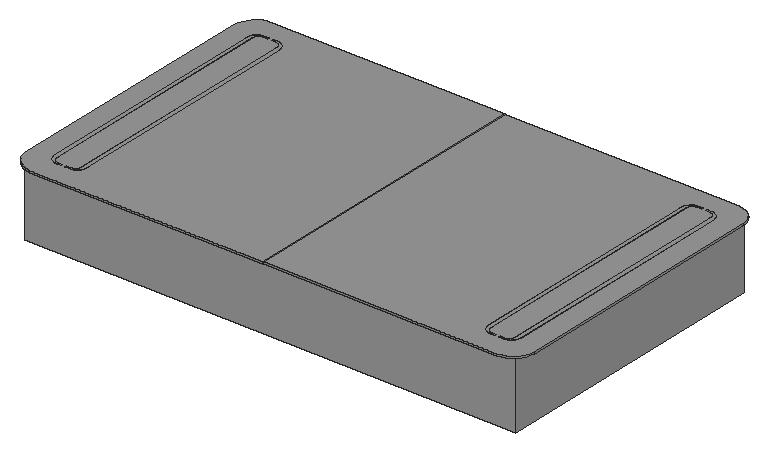
Revit family "UNB_Specchio_Multiproduct_BIM_IT_T3373;T3388;T3389;T3425_NEW", category Plumbing Fixtures, host Face, Revit 2017
Family settings
  Host = Face
  Round Connector Dimension = Use Diameter
  Part Type = Normal
  Cut with Voids When Loaded = No
  Shared = No
  Room Calculation Point = No
Parameters (values of type "T3425 - 1200 x 700 mirror cabinet")
  VersioneClassificazioneUni2015 = "IfcFurnitureType"
  Versione = "1"
  ValoreDellaSuperficie = "n/a"
  UnitàVolume = "litro"
  UnitàSuperficie = "millimetro"
  UnitàMonetaria = "€"
  UnitàLineare = "millimetro"
  UnitàDurataGaranzia = "anno"
  UnitàDurata = "anno"
  URL = "http://www.idealstandard.it"
  TipologiaVaso = "Altro"
  TipoEspotazioneIfc = "IfcFurnitureType"
  TipoDiDato = "Fisso"
  Telefono = "800 652 290"
  Spazio = "interno"
  Sostenibilità = "n/a"
  SingleUnitsOnly = no
  RiferimentoClassificazioneUni2015 = "MIRRORS"
  Riferimento = "T3425"
  Revisione = "1"
  ProfonditàNominale = 170 mm
  Produttore = "info@idealstandard.it"
  PesoNetto = "30.00 Kg"
  PesoLordo = "n/a"
  PartiDiRicambio = "http://www.idealstandard.it"
  NumeroDiModello = "T3425AL"
  NomeOggettoBim = "ISI_IdealStandard_Specchio_T3425"
  Nome = "ISI_IdealStandard_Specchio_T3425"
  ModelloDiRiferimento = "SPECCHIO CONT. HIGH 120X70 MATT AL 20W 2"
  Model = "T3425AL"
  Materiale = "bicchiere"
  Manufacturer = "info@idealstandard.it"
  LunghezzaNominale = 170 mm
  LarghezzaNominale = 1230 mm
  InstruzioniInstallazione = "http://www.idealstandard.it"
  InformazioniGaranzia = "info@idealstandard.it"
  InformazioniDiProdotto = "http://www.idealstandard.it"
  InformaziniGaranzia = "info@idealstandard.it"
  IfcEsportaCome = "BATHROOM FURNITURE"
  Grado = "n/a"
  GaranziaInstallazione = "n/a"
  Garanzia = "garanzia del produttore"
  Forma = "rettangolare"
  Finitura = "specchio"
  DurataGaranziaProdotti = "n/a"
  DurataGaranziaLegale = "n/a"
  DurataGaranzia = "n/a"
  DoubleUnitsOnly = not(SingleUnitsOnly)  # yes
  DistribuitoDa = "n/a"
  Dimensione = ""
  DescrizioneClassifcazioneUni2015 = "Bathroom furniture"
  Description = "SPECCHIO CONT. HIGH 120X70 MATT AL 20W 2"
  Default Elevation = 1500 mm
  Creato = "Ideal Standard"
  CostoDiSostituzione = 0
  Cost = 0
  Connessione = "piombatura"
  Componenti = "n/a"
  Colore = "specchio"
  CodiceRiferimento = "n/a"
  CodiceDiPrestazione = "EN"
  CodiceArticolo = "n/a"
  CodiceABarre = "8014140447733"
  CicloDiVitaDelProdotto = "n/a"
  Caratteristiche = "SPECCHIO CONT. HIGH 120X70 MATT AL 20W 2"
  Brand = "Ideal Standard"
  Autore = "Ideal Standard"
  AltezzaNominale = 730 mm
  Aiuto = "info@idealstandard.it"
  Accessori = "http://www.idealstandard.it"
  Accesso = "n/a"
Types (4, lengths in mm): name | SingleUnitsOnly | Riferimento | PesoNetto | NumeroDiModello | NomeOggettoBim | Nome | ModelloDiRiferimento | Model | LarghezzaNominale | DoubleUnitsOnly | Description | CodiceABarre | Caratteristiche
  T3373 - 600 x 700 mirror cabinet | yes | "T3373" | "20.00 Kg" | "T3373AL" | "ISI_IdealStandard_Specchio_T3373" | "ISI_IdealStandard_Specchio_T3373" | "SPECCHIO CONT. HIGH 60X70 MATT AL 20W 23" | "T3373AL" | 630 | no | "SPECCHIO CONT. HIGH 60X70 MATT AL 20W 23" | "8014140447658" | "SPECCHIO CONT. HIGH 60X70 MATT AL 20W 23"
  T3388 - 800 x 700 mirror cabinet | no | "T3388" | "24.00 Kg" | "T3388AL" | "ISI_IdealStandard_Specchio_T3388" | "ISI_IdealStandard_Specchio_T3388" | "SPECCHIO CONT. HIGH 80X70 MATT AL 20W 23" | "T3388AL" | 830 | yes | "SPECCHIO CONT. HIGH 80X70 MATT AL 20W 23" | "8014140447696" | "SPECCHIO CONT. HIGH 80X70 MATT AL 20W 23"
  T3389 - 1000 x 700 mirror cabinet | no | "T3389" | "26.00 Kg" | "T3389AL" | "ISI_IdealStandard_Specchio_T3389" | "ISI_IdealStandard_Specchio_T3389" | "SPECCHIO CONT. HIGH 100X70 MATT AL 20W 2" | "T3389AL" | 1030 | yes | "SPECCHIO CONT. HIGH 100X70 MATT AL 20W 2" | "8014140447719" | "SPECCHIO CONT. HIGH 100X70 MATT AL 20W 2"
  T3425 - 1200 x 700 mirror cabinet | no | "T3425" | "30.00 Kg" | "T3425AL" | "ISI_IdealStandard_Specchio_T3425" | "ISI_IdealStandard_Specchio_T3425" | "SPECCHIO CONT. HIGH 120X70 MATT AL 20W 2" | "T3425AL" | 1230 | yes | "SPECCHIO CONT. HIGH 120X70 MATT AL 20W 2" | "8014140447733" | "SPECCHIO CONT. HIGH 120X70 MATT AL 20W 2"
Reference planes
  plane 1 "Center (Front/Back)": y = 0
  plane 2: z = 0
  plane 3 "Center (Left/Right)": x = 0
  plane 4: x = -615
  plane 5: x = 615
  plane 6: y = 365
  plane 7: y = -365
  plane 8: y = 345
  plane 9: y = -345
  plane 10: x = -595
  plane 11: x = 595
  plane 12: y = 315
  plane 13: y = -315
  plane 14: x = -565
  plane 15: x = 565
  plane 16: x = -555
  plane 17: x = 555
  plane 18: y = 310
  plane 19: y = -310
  plane 20: x = -495
  plane 21: x = 495
  plane 22: x = -485
  plane 23: x = 485
  plane 24: x = -525
  plane 25: x = 525
  plane 26: x = -530
  plane 27: x = -520
  plane 28: x = 530
  plane 29: x = 520
  plane 30: x = -1.5
  plane 31: x = 1.5
  plane 32: z = 170
  plane 33: z = 166
Forms (mm)
  Extrusion 1, solid, material "Default"
    sketch origin (0, 20.991, -18) x (0, 1, 0) y (-1, 0, 0)
      loop
        line (324.009, 595) -> (-365.991, 595) -> (-365.991, -595) -> (324.009, -595) -> (324.009, 595)
    from 18 to 184
  Extrusion 2, solid, material "ISI_IdealStandard_Mirror_MirrorGlazing_Render", visible <- "SingleUnitsOnly"
    sketch origin (-1524, -4572, 166) x (-1, 0, 0) y (0, -1, 0)
      loop
        arc (-959, -4937) -> (-923.645, -4922.355) -> (-909, -4887) r 50
        line (-909, -4887) -> (-909, -4257)
        arc (-909, -4257) -> (-923.645, -4221.645) -> (-959, -4207) r 50
        line (-959, -4207) -> (-2089, -4207)
        arc (-2089, -4207) -> (-2124.355, -4221.645) -> (-2139, -4257) r 50
        line (-2139, -4257) -> (-2139, -4887)
        arc (-2139, -4887) -> (-2124.355, -4922.355) -> (-2089, -4937) r 50
        line (-2089, -4937) -> (-959, -4937)
    from 0 to 4
  Extrusion 3, solid, material "ISI_IdealStandard_Mirror_IlluminatedArea_Render"
    sketch origin (-1524, -4572, 170) x (-1, 0, 0) y (0, -1, 0)
      loop
        line (-994, -4257) -> (-994, -4262) -> (-984, -4262)
        arc (-984, -4262) -> (-973.393, -4266.393) -> (-969, -4277) r 15
        line (-969, -4277) -> (-969, -4867)
        arc (-969, -4867) -> (-973.393, -4877.607) -> (-984, -4882) r 15
        line (-984, -4882) -> (-994, -4882) -> (-994, -4887) -> (-984, -4887)
        arc (-984, -4887) -> (-966.322, -4879.678) -> (-959, -4862) r 25
        line (-959, -4862) -> (-959, -4282)
        arc (-959, -4282) -> (-966.322, -4264.322) -> (-984, -4257) r 25
        line (-984, -4257) -> (-994, -4257)
      loop
        line (-1004, -4887) -> (-1004, -4882) -> (-1014, -4882)
        arc (-1014, -4882) -> (-1024.607, -4877.607) -> (-1029, -4867) r 15
        line (-1029, -4867) -> (-1029, -4277)
        arc (-1029, -4277) -> (-1024.607, -4266.393) -> (-1014, -4262) r 15
        line (-1014, -4262) -> (-1004, -4262) -> (-1004, -4257) -> (-1014, -4257)
        arc (-1014, -4257) -> (-1031.678, -4264.322) -> (-1039, -4282) r 25
        line (-1039, -4282) -> (-1039, -4862)
        arc (-1039, -4862) -> (-1031.678, -4879.678) -> (-1014, -4887) r 25
        line (-1014, -4887) -> (-1004, -4887)
    from 0 to 1
  Extrusion 4, solid, material "ISI_IdealStandard_Mirror_IlluminatedArea_Render", visible <- "DoubleUnitsOnly"
    sketch origin (-1524, -4572, 170) x (-1, 0, 0) y (0, -1, 0)
      loop
        line (-2044, -4262) -> (-2034, -4262)
        arc (-2034, -4262) -> (-2023.393, -4266.393) -> (-2019, -4277) r 15
        line (-2019, -4277) -> (-2019, -4867)
        arc (-2019, -4867) -> (-2023.393, -4877.607) -> (-2034, -4882) r 15
        line (-2034, -4882) -> (-2044, -4882) -> (-2044, -4887) -> (-2034, -4887)
        arc (-2034, -4887) -> (-2016.322, -4879.678) -> (-2009, -4862) r 25
        line (-2009, -4862) -> (-2009, -4282)
        arc (-2009, -4282) -> (-2016.322, -4264.322) -> (-2034, -4257) r 25
        line (-2034, -4257) -> (-2044, -4257) -> (-2044, -4262)
      loop
        line (-2054, -4262) -> (-2054, -4257) -> (-2064, -4257)
        arc (-2064, -4257) -> (-2081.678, -4264.322) -> (-2089, -4282) r 25
        line (-2089, -4282) -> (-2089, -4862)
        arc (-2089, -4862) -> (-2081.678, -4879.678) -> (-2064, -4887) r 25
        line (-2064, -4887) -> (-2054, -4887) -> (-2054, -4882) -> (-2064, -4882)
        arc (-2064, -4882) -> (-2074.607, -4877.607) -> (-2079, -4867) r 15
        line (-2079, -4867) -> (-2079, -4277)
        arc (-2079, -4277) -> (-2074.607, -4266.393) -> (-2064, -4262) r 15
        line (-2064, -4262) -> (-2054, -4262)
    from 0 to 1
  Extrusion 5, solid, material "ISI_IdealStandard_Mirror_MirrorGlazing_Render", visible <- "DoubleUnitsOnly"
    sketch origin (-1524, -4572, 166) x (-1, 0, 0) y (0, -1, 0)
      loop
        arc (-959, -4937) -> (-923.645, -4922.355) -> (-909, -4887) r 50
        line (-909, -4887) -> (-909, -4257)
        arc (-909, -4257) -> (-923.645, -4221.645) -> (-959, -4207) r 50
        line (-959, -4207) -> (-1522.5, -4207) -> (-1522.5, -4937) -> (-959, -4937)
      loop
        line (-1525.5, -4937) -> (-1525.5, -4207) -> (-2089, -4207)
        arc (-2089, -4207) -> (-2124.355, -4221.645) -> (-2139, -4257) r 50
        line (-2139, -4257) -> (-2139, -4887)
        arc (-2139, -4887) -> (-2124.355, -4922.355) -> (-2089, -4937) r 50
        line (-2089, -4937) -> (-1525.5, -4937)
    from 0 to 4
Dimensions and locks
  equal spacing: plane 4, plane 3 "Center (Left/Right)", plane 5
  "LarghezzaNominale": plane 4 to plane 5
  equal spacing: plane 6, plane 1 "Center (Front/Back)", plane 7
  "AltezzaNominale": plane 6 to plane 7
  locked: plane 6 to plane 8 at 20
  locked: plane 9 to plane 7 at 20
  locked: plane 13 to plane 7 at 50
  locked: plane 6 to plane 12 at 50
  locked: plane 12 to plane 18 at 5
  locked: plane 19 to plane 13 at 5
  locked: plane 30 to plane 31 at 3
  equal spacing: plane 30, plane 3 "Center (Left/Right)", plane 31
  plane 4 to plane 10 to plane 14 to plane 16 to plane 26 to plane 24 to plane 27 to plane 20 to plane 22 = 20 mm locked, 30 mm locked, 10 mm locked, 25 mm locked, 5 mm locked, 5 mm locked, 25 mm locked, 10 mm locked
  plane 23 to plane 21 to plane 29 to plane 25 to plane 28 to plane 17 to plane 15 to plane 11 to plane 5 = 10 mm locked, 25 mm locked, 5 mm locked, 5 mm locked, 25 mm locked, 10 mm locked, 30 mm locked, 20 mm locked
  locked: plane 32 to plane 33 at 4
  "ProfonditàNominale": plane 32 to plane 2
  aligned and locked: plane 2 to host face
  aligned and locked: level to host face
  aligned and locked: Extrusion 1 sketch curve to plane 8
  aligned and locked: plane 10 to Extrusion 1 sketch curve
  aligned and locked: plane 9 to Extrusion 1 sketch curve
  aligned and locked: Extrusion 1 sketch curve to plane 11
  aligned and locked: Extrusion 2 sketch curve to plane 6
  aligned and locked: plane 4 to Extrusion 2 sketch curve
  aligned and locked: plane 7 to Extrusion 2 sketch curve
  aligned and locked: Extrusion 2 sketch curve to plane 5
  aligned and locked: plane 16 to Extrusion 3 sketch curve
  aligned and locked: plane 14 to Extrusion 3 sketch curve
  aligned and locked: Extrusion 3 sketch curve to plane 13
  aligned and locked: Extrusion 3 sketch curve to plane 26  (x2)
  aligned and locked: Extrusion 3 sketch curve to plane 18
  aligned and locked: plane 12 to Extrusion 3 sketch curve
  aligned and locked: plane 22 to Extrusion 3 sketch curve
  aligned and locked: Extrusion 3 sketch curve to plane 20
  aligned and locked: plane 13 to Extrusion 3 sketch curve
  aligned and locked: Extrusion 3 sketch curve to plane 27  (x2)
  aligned and locked: plane 18 to Extrusion 3 sketch curve
  aligned and locked: Extrusion 3 sketch curve to plane 12
  aligned and locked: Extrusion 3 sketch curve to plane 19
  aligned and locked: plane 19 to Extrusion 3 sketch curve
  aligned and locked: Extrusion 4 sketch curve to plane 23
  aligned and locked: plane 21 to Extrusion 4 sketch curve
  aligned and locked: plane 15 to Extrusion 4 sketch curve
  aligned and locked: plane 17 to Extrusion 4 sketch curve
  aligned and locked: plane 13 to Extrusion 4 sketch curve
  aligned and locked: Extrusion 4 sketch curve to plane 13
  aligned and locked: plane 19 to Extrusion 4 sketch curve
  aligned and locked: Extrusion 4 sketch curve to plane 19
  aligned and locked: plane 18 to Extrusion 4 sketch curve
  aligned and locked: Extrusion 4 sketch curve to plane 18
  aligned and locked: Extrusion 4 sketch curve to plane 12
  aligned and locked: plane 12 to Extrusion 4 sketch curve
  aligned and locked: Extrusion 5 sketch curve to plane 6  (x2)
  aligned and locked: plane 4 to Extrusion 5 sketch curve
  aligned and locked: plane 7 to Extrusion 5 sketch curve  (x2)
  aligned and locked: plane 30 to Extrusion 5 sketch curve
  aligned and locked: plane 31 to Extrusion 5 sketch curve
  aligned and locked: Extrusion 5 sketch curve to plane 5
  aligned and locked: plane 32 to Extrusion 2
  aligned and locked: plane 33 to Extrusion 2
Automatic sketch dimensions
  host sketch curve to host sketch curve = 2438.4 mm  (x2)
  Extrusion 2 sketch curve to plane 15 = 0 mm  (x2)
  Extrusion 2 sketch curve to plane 12 = 0 mm
  Extrusion 2 sketch curve to plane 14 = 0 mm
  Extrusion 3 sketch curve to plane 27 = 10 mm  (x2)
  Extrusion 3 sketch curve to Extrusion 3 sketch curve = 0 mm  (x4)
  plane 26 to Extrusion 3 sketch curve = 10 mm  (x2)
  Extrusion 4 sketch curve to plane 28 = 0 mm  (x2)
  Extrusion 4 sketch curve to plane 29 = 0 mm  (x2)
  plane 28 to Extrusion 4 sketch curve = 10 mm  (x2)
  Extrusion 4 sketch curve to Extrusion 4 sketch curve = 0 mm  (x4)
  Extrusion 4 sketch curve to Extrusion 4 sketch curve = 10 mm
  Extrusion 4 sketch curve to plane 29 = 10 mm
  Extrusion 5 sketch curve to plane 15 = 0 mm  (x2)
  Extrusion 5 sketch curve to plane 14 = 0 mm
  Extrusion 5 sketch curve to plane 12 = 0 mm
